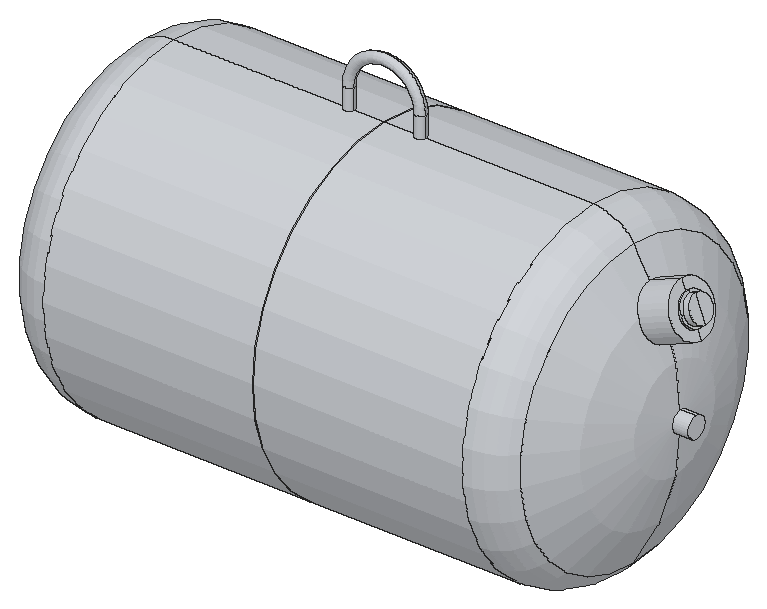
Revit family
Parameters (values of type "AX-40 125# W.P.")
  Weight = "74 lbs"
  Tank Volume = "21.7 Gal"
  Tank Radius = Tank Diameter / 2  # 8.000"
  Tank Length = 29.000"
  Tank Diameter = 16.000"
  Pipe Connector Diameter = Pipe Connection Radius * 2  # 0.500"
  Pipe Connection Radius = 0.250"
  Off Ref Plane = 2.750"
  Model = "AX-40"
  Maximum Acceptance Volume = "11.3 Gal"
  Max Operating Temp = "240 DEG F"
  Max Operating Pressure = "125 PSI"
  Manufacturer = "Amtrol"
  Bladder/Diaphragm = "Diaphragm"
  ASME = no
  1/2 Tank Length = Tank Length / 2  # 14.500"
Types (5): name | Weight | Tank Volume | Tank Length | Model | Max Operating Pressure | 1/2 Tank Length
  (no name) | "74 lbs" | "21.7 Gal" | 29.000" | "AX-40" | "125 PSI" | 14.500"
  AX-40 125# W.P. | "74 lbs" | "21.7 Gal" | 29.000" | "AX-40" | "125 PSI" | 14.500"
  AX-40 150# W.P. 10 BAR | "66 lbs" | "21.7 Gal" | 29.000" | "AX-40" | "125 PSI" | 14.500"
  AX-60 125# W.P. | "96 lbs" | "33.6 Gal" | 42.250" | "AX-60" | "125 PSI" | 21.125"
  AX-60 150# W.P. 10 BAR | "107 lbs" | "33.6 Gal" | 42.250" | "AX-60" | "150 PSI" | 21.125"
Reference planes (in)
  plane 1 "Center (Front/Back)": y = 0
  plane 2: z = 0
  plane 3 "Center (Left/Right)": x = 0
  plane 4: z = 2.75
Forms (in)
  Sweep 1, solid
    path origin (0, 0, 0) x (1, 0, 0) y (0, 0, 1)
      loop
        line (14.5, 10.854) -> (15.25, 10.854)
    profile origin (14.875, 0, 10.854) x (0, 0, 1) y (0, -1, 0)
      loop
        circle (0, 0) r 0.5
  Revolve 2, solid
    sketch origin (0, 0, 0) x (1, 0, 0) y (0, 0, 1)
      loop
        line (13.4075, 15.29207) -> (13.89157, 14.09398) -> (15.51414, 14.74954) -> (15.32683, 15.21313) -> (15.45228, 15.26381) -> (15.40386, 15.38366) -> (15.72686, 15.51416) -> (15.47852, 16.12882) -> (13.4075, 15.29207)
      axis (13.4075, 15.29207) -> (15.47852, 16.12882)
    angle from 0 to 360
  Sweep 3, solid
    path origin (0.05398, 0, -0.08997) x (1, 0, 0) y (0, 0, 1)
      loop
        line (-1.75, 18.958) -> (-1.75, 19.958)
        arc (-1.75, 19.958) -> (0, 21.708) -> (1.75, 19.958) r 1.75
        line (1.75, 19.958) -> (1.75, 18.958)
    profile origin (-1.69602, 0, 19.36803) x (-1, 0, 0) y (0, -1, 0)
      loop
        circle (0, 0) r 0.25
  Revolve 4, solid
    sketch origin (0, 0, 0) x (1, 0, 0) y (0, 0, 1)
      loop
        line (-14.5, 10.854) -> (0, 10.854) -> (0, 18.854) -> (-10.22564, 18.854)
        arc (-10.22564, 18.854) -> (-11.34443, 18.5736) -> (-12.21829, 17.82081) r 2.50004
        arc (-12.21829, 17.82081) -> (-13.90417, 14.51591) -> (-14.5, 10.854) r 12.0002
      axis (0, 10.854) -> (-14.5, 10.854)
    angle from 0 to 360
  Revolve 5, solid
    sketch origin (0, 0, 0) x (-1, 0, 0) y (0, 0, 1)
      loop
        line (-14.5, 10.854) -> (0, 10.854) -> (0, 18.854) -> (-10.22564, 18.854)
        arc (-10.22564, 18.854) -> (-11.34443, 18.5736) -> (-12.21829, 17.82081) r 2.50004
        arc (-12.21829, 17.82081) -> (-13.90417, 14.51591) -> (-14.5, 10.854) r 12.0002
      axis (0, 10.854) -> (-14.5, 10.854)
    angle from 0 to 360
Dimensions and locks (in)
  "1/2 Tank Length": plane 3 "Center (Left/Right)" to Revolve 4 sketch curve
  "Tank Radius": Revolve 4 sketch curve to Revolve 4 sketch curve
  Revolve 4 sketch curve to level = 10.854"
  locked: Revolve 4 sketch curve to Revolve 4 sketch curve at 9.50016
  "Tank Radius": Revolve 5 sketch curve to Revolve 5 sketch curve  (x2)
  locked: Revolve 5 sketch curve to Revolve 5 sketch curve at 9.50016
  Revolve 2 sketch curve to Revolve 5 = 3.66592"
  Revolve 2 sketch curve to Revolve 5 = 3.18186"
  Revolve 2 sketch curve to Revolve 2 sketch curve = 2.23366"
  Revolve 2 sketch curve to Revolve 2 sketch curve = 1.750"
  Revolve 2 sketch curve to Revolve 2 sketch curve = 1.8853"
  "1/2 Tank Length": Revolve 4 to Revolve 5 sketch curve
  Revolve 5 sketch curve to level = 10.854"
  Sweep 1 sketch curve to Revolve 5 = 4.27436"
  aligned and locked: import instance to plane 1 "Center (Front/Back)"
  aligned and locked: plane 3 "Center (Left/Right)" to Revolve 4 sketch curve
  aligned and locked: Revolve 4 sketch curve to Revolve 4 sketch curve  (x2)
  aligned and locked: Revolve 5 sketch curve to Revolve 5 sketch curve
Automatic sketch dimensions
  Sweep 1 sketch curve to Sweep 1 sketch curve = 0.750"
  plane 4 to Sweep 1 sketch curve = 8.104"
  Sweep 1 sketch curve to plane 1 "Center (Front/Back)" = 0.000"
  profile plane to Sweep 1 sketch curve = 0.000"
  Revolve 2 sketch curve to Revolve 2 sketch curve = 1.21693"
  plane 4 to Revolve 2 sketch curve = 11.34398"
  Revolve 2 sketch curve to Revolve 2 sketch curve = 0.07703"
  Revolve 2 sketch curve to Revolve 2 sketch curve = 0.04842"
  Revolve 2 sketch curve to Revolve 2 sketch curve = 0.07466"
  Revolve 2 sketch curve to Revolve 2 sketch curve = 0.88438"
  Revolve 2 sketch curve to Revolve 2 sketch curve = 0.49167"
  Revolve 2 sketch curve to Revolve 2 sketch curve = 0.35731"
  Sweep 3 sketch curve to plane 3 "Center (Left/Right)" = 1.69602"
  plane 3 "Center (Left/Right)" to Sweep 3 sketch curve = 0.05398"
  plane 4 to Sweep 3 sketch curve = 16.11803"
  Sweep 3 sketch curve to Sweep 3 sketch curve = 0.000"
  Sweep 3 sketch curve to Sweep 3 sketch curve = 1.000"
  Sweep 3 sketch curve to profile plane = 0.000"
  profile plane to Sweep 3 sketch curve = 0.000"
  Revolve 4 sketch curve to Revolve 4 sketch curve = 3.500"
  Revolve 4 sketch curve to Revolve 4 sketch curve = 2.28171"
  Revolve 4 sketch curve to Revolve 4 sketch curve = 0.000"
  Revolve 4 sketch curve to Revolve 4 sketch curve = 1.99264"
  Revolve 4 sketch curve to Revolve 4 sketch curve = 2.02464"
  Revolve 5 sketch curve to plane 3 "Center (Left/Right)" = 0.000"
  Revolve 5 sketch curve to Revolve 5 sketch curve = 3.500"
  Revolve 5 sketch curve to Revolve 5 sketch curve = 2.28171"
  Revolve 5 sketch curve to Revolve 5 sketch curve = 0.000"
  Revolve 5 sketch curve to Revolve 5 sketch curve = 1.99264"
  Revolve 5 sketch curve to Revolve 5 sketch curve = 2.02464"
  radius of Sweep 1 sketch curve = 0.500"
  radius of Sweep 3 sketch curve = 0.250"
Connectors (in)
  piping at (15.25, 0, 10.854), driven by "Pipe Connection Radius"
    settings: on Sweep 1, index 1
